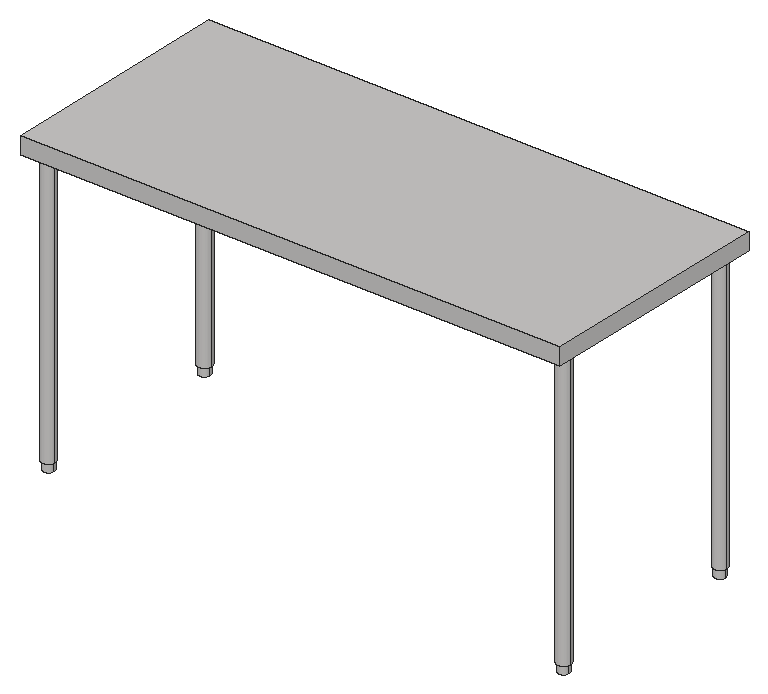
Revit family "QF_ELECTROLUXPROFESSIONAL_133051_TG1600EN", category Specialty Equipment, Revit 2021
Family settings
  Round Connector Dimension = Use Diameter
  Part Type = Normal
  Work Plane-Based = No
  Always vertical = Yes
  Cut with Voids When Loaded = No
  Shared = No
  Room Calculation Point = No
Parameters (values of type "Standard")
  Weight = 50.00 kg
  Watts = 0 W
  Volts = 0 V
  URL Manufacturer = "http://www.electroluxprofessional.com"
  URL = "http://www.electroluxprofessional.com"
  Steam Supply Size = 0 mm
  Steam Supply Minimum Pressure = 0.0 Pa
  Steam Supply Maximum Pressure = 0.0 Pa
  Steam Consumption per Hour = 0
  Refrigeration Suction Line Size = 0.0 mm
  Refrigeration Liquid Line Size = 0.0 mm
  Refrigerant Compressor Remote = yes
  Default Elevation = 0.0 mm
  Manufacturer = "Electrolux Professional"
  Phase = 0
  Model = "TG1600EN"
  Length Actual = 1600.0 mm
  Item Number = "133051"
  Hot Water Size = 0 mm
  Height Actual = 900.0 mm
  HP = "0 HP"
  Gas Size = 0 mm
  Gas KW = 0
  Gas Input Pressure = 0 W
  Direct Waste Size = 0 mm
  Description = "WORK TABLE 1600 MM"
  Depth Actual = 700.0 mm
  Cycle = 0 Hz
  Condensate Return Size = 0 mm
  Compressed Air Volume = 0.0 L/s
  Compressed Air Size = 0 mm
  Compressed Air Pressure = 0.0 Pa
  Cold Water Size = 0 mm
  Accessory = no
Reference planes
  plane 1 "Center (Front/Back)": y = 0
  plane 2: z = 0
  plane 3 "Center (Left/Right)": x = -300
  plane 4 "LEFT": x = -1100
  plane 5 "RIGHT": x = 500
  plane 6 "BACK": y = 350
  plane 7 "FRONT": y = -350
  plane 8 "Base": z = 850
  plane 9 "TOP": z = 900
  plane 10: x = -1064.5
  plane 11: x = 464.5
  plane 12: y = 290
  plane 13: y = -290
Forms (mm)
  Extrusion 1, solid, material "QF_Finishes_Stainless Steel"
    sketch origin (-300, 0, 0) x (0, 1, 0) y (0, 0, 1)
      loop
        line (-350, 850) -> (350, 850) -> (350, 900) -> (-350, 900) -> (-350, 850)
    from 800 to -800
Lines and regions (mm)
  symbolic lines
    curve 1: line (500, 350, 900) -> (-1100, 350, 900)
    curve 2: line (-1100, 350, 900) -> (-1100, -350, 900)
    curve 3: line (-1100, -350, 900) -> (500, -350, 900)
    curve 4: line (500, -350, 900) -> (500, 350, 900)
Dimensions and locks
  plane 4 "LEFT" to plane 5 "RIGHT" = 1600.0 mm
  equal spacing: plane 4 "LEFT", plane 3 "Center (Left/Right)", plane 5 "RIGHT"
  locked: plane 8 "Base" to level at 850
  plane 4 "LEFT" to plane 10 = 35.5 mm
  plane 11 to plane 5 "RIGHT" = 35.5 mm
  plane 10 to plane 11 = 1529.0 mm
  locked: plane 9 "TOP" to level at 900
  plane 6 "BACK" to plane 12 = 60.0 mm
  plane 13 to plane 7 "FRONT" = 60.0 mm
  plane 6 "BACK" to plane 7 "FRONT" = 700.0 mm
  plane 12 to plane 13 = 580.0 mm
  equal spacing: plane 6 "BACK", plane 1 "Center (Front/Back)", plane 7 "FRONT"
  aligned and locked: level to plane 2
  aligned and locked: plane 10 to nested 1
  aligned and locked: nested 1 to plane 13
  aligned and locked: plane 11 to nested 2
  aligned and locked: nested 2 to plane 13
  aligned and locked: plane 11 to nested 4
  aligned and locked: nested 4 to plane 12
  aligned and locked: plane 10 to nested 3
  aligned and locked: nested 3 to plane 12
  aligned and locked: Extrusion 1 to plane 4 "LEFT"
  aligned and locked: plane 5 "RIGHT" to Extrusion 1
  aligned and locked: curve 2 to plane 4 "LEFT"
Automatic sketch dimensions
  Extrusion 1 sketch curve to plane 7 "FRONT" = 0.0 mm
  Extrusion 1 sketch curve to plane 8 "Base" = 0.0 mm
  curve 3 to plane 7 "FRONT" = 0.0 mm
  curve 4 to plane 6 "BACK" = 0.0 mm
  Extrusion 1 sketch curve to plane 9 "TOP" = 0.0 mm
  Extrusion 1 sketch curve to plane 6 "BACK" = 0.0 mm
  curve 4 to plane 5 "RIGHT" = 0.0 mm
Nested families
  nested 1: "FEET_D40" at (-1064.5, -290, 0), type "FEET_D40"
  nested 2: "FEET_D40" at (464.5, -290, 0), type "FEET_D40"
  nested 3: "FEET_D40" at (-1064.5, 290, 0), type "FEET_D40"
  nested 4: "FEET_D40" at (464.5, 290, 0), type "FEET_D40"
Definition of nested family "FEET_D40"
  Parameters
    Default Elevation = 0.0 mm
    FEET = 850.0 mm
  Reference planes
    plane 1 "Center (Front/Back)": y = 0
    plane 2: z = 0
    plane 3 "Center (Left/Right)": x = 0
    plane 4: z = 850
  Forms (mm)
    Extrusion 1, solid
      sketch origin (0, 0, 0) x (1, 0, 0) y (0, 1, 0)
        loop
          circle (0, 0.002) r 20
      from 25 to 845
    Extrusion 2, solid
      sketch origin (0, 0, 0) x (1, 0, 0) y (0, 1, 0)
        loop
          circle (0, 0) r 16
      from 0 to 25
    Extrusion 3, solid
      sketch origin (0, 0, 0) x (1, 0, 0) y (0, 1, 0)
        loop
          circle (0, 0.002) r 30
      from 845 to 850
  Lines and regions (mm)
    symbolic lines
      curve 1: line (0, -1.503, 0) -> (0, 1.508, 0)
      curve 2: line (1.561, 0, 0) -> (-1.439, 0, 0)
  Dimensions and locks
    "FEET": plane 4 to plane 2
    aligned and locked: level to plane 2
  Automatic sketch dimensions
    plane 1 "Center (Front/Back)" to Extrusion 2 sketch curve = 0.0 mm
    Extrusion 2 sketch curve to plane 3 "Center (Left/Right)" = 0.0 mm
    plane 1 "Center (Front/Back)" to curve 2 = 0.0 mm
    curve 1 to plane 3 "Center (Left/Right)" = 0.0 mm
    curve 2 to plane 3 "Center (Left/Right)" = 1.439 mm
    plane 3 "Center (Left/Right)" to curve 2 = 1.561 mm
    plane 1 "Center (Front/Back)" to curve 1 = 1.503 mm
    curve 1 to plane 1 "Center (Front/Back)" = 1.508 mm
    Extrusion 1 sketch curve to plane 3 "Center (Left/Right)" = 0.0 mm
    Extrusion 1 sketch curve to plane 1 "Center (Front/Back)" = 0.002 mm
    Extrusion 3 sketch curve to plane 3 "Center (Left/Right)" = 0.0 mm
    Extrusion 3 sketch curve to plane 1 "Center (Front/Back)" = 0.002 mm
    radius of Extrusion 2 sketch curve = 16.0 mm
    radius of Extrusion 1 sketch curve = 20.0 mm
    radius of Extrusion 3 sketch curve = 30.0 mm
